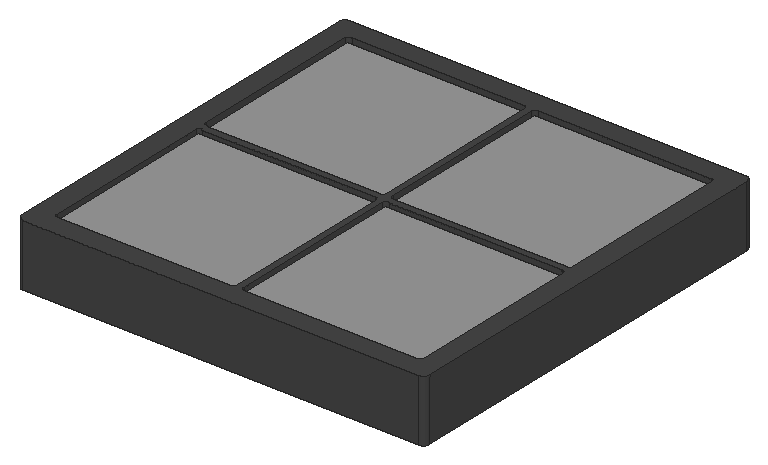
Revit family "ECORASTER Bloxx_with_blocks", category Allgemeines Modell, Revit 2016
Family settings
  Teiletyp = Normal
  Kann Basisbauteil für Bewehrung sein = Nein
  Bemaßung runder Anschluss = Durchmesser verwenden
  Arbeitsebenenbasiert = Nein
  Immer vertikal = Ja
  Beim Laden mit Abzugskörper schneiden = Nein
  Gemeinsam genutzt = Nein
  Raumberechnungspunkt = Nein
Parameters
  block_material = Mat_white
Reference planes
  plane 1 "Center (Front/Back)": y = 0
  plane 2: z = 0
  plane 3 "Center (Left/Right)": x = 0
Forms (mm)
  Extrusion 1, solid, material "Black", detail levels fine
    sketch origin (0, 0, 0) x (1, 0, 0) y (0, 1, 0)
      loop
        spline (-145.384, 148.384) -> (-145.776, 148.358) -> (-146.161, 148.282) -> (-146.532, 148.156) -> (-146.884, 147.982) -> (-147.211, 147.764) -> (-147.506, 147.506) -> (-147.764, 147.211) -> (-147.982, 146.884) -> (-148.156, 146.532) -> (-148.282, 146.161) -> (-148.358, 145.776) -> (-148.384, 145.384)
        line (-148.384, 145.384) -> (-148.384, 5.474)
        arc (-148.384, 5.474) -> (-147.505, 3.353) -> (-145.384, 2.474) r 3
        line (-145.384, 2.474) -> (-5.474, 2.474)
        arc (-5.474, 2.474) -> (-3.353, 3.353) -> (-2.474, 5.474) r 3
        line (-2.474, 5.474) -> (-2.474, 145.384)
        arc (-2.474, 145.384) -> (-3.353, 147.505) -> (-5.474, 148.384) r 3
        line (-5.474, 148.384) -> (-145.384, 148.384)
      loop
        line (145.384, 148.384) -> (5.474, 148.384)
        arc (5.474, 148.384) -> (3.353, 147.505) -> (2.474, 145.384) r 3
        line (2.474, 145.384) -> (2.474, 5.474)
        arc (2.474, 5.474) -> (3.353, 3.353) -> (5.474, 2.474) r 3
        line (5.474, 2.474) -> (145.384, 2.474)
        arc (145.384, 2.474) -> (147.505, 3.353) -> (148.384, 5.474) r 3
        line (148.384, 5.474) -> (148.384, 145.384)
        spline (148.384, 145.384) -> (148.358, 145.776) -> (148.282, 146.161) -> (148.156, 146.532) -> (147.982, 146.884) -> (147.764, 147.211) -> (147.506, 147.506) -> (147.211, 147.764) -> (146.884, 147.982) -> (146.532, 148.156) -> (146.161, 148.282) -> (145.776, 148.358) -> (145.384, 148.384)
      loop
        line (-145.384, -148.384) -> (-5.474, -148.384)
        arc (-5.474, -148.384) -> (-3.353, -147.505) -> (-2.474, -145.384) r 3
        line (-2.474, -145.384) -> (-2.474, -5.474)
        arc (-2.474, -5.474) -> (-3.353, -3.353) -> (-5.474, -2.474) r 3
        line (-5.474, -2.474) -> (-145.384, -2.474)
        arc (-145.384, -2.474) -> (-147.505, -3.353) -> (-148.384, -5.474) r 3
        line (-148.384, -5.474) -> (-148.384, -145.384)
        spline (-148.384, -145.384) -> (-148.358, -145.776) -> (-148.282, -146.161) -> (-148.156, -146.532) -> (-147.982, -146.884) -> (-147.764, -147.211) -> (-147.506, -147.506) -> (-147.211, -147.764) -> (-146.884, -147.982) -> (-146.532, -148.156) -> (-146.161, -148.282) -> (-145.776, -148.358) -> (-145.384, -148.384)
      loop
        spline (145.384, -148.384) -> (145.776, -148.358) -> (146.161, -148.282) -> (146.532, -148.156) -> (146.884, -147.982) -> (147.211, -147.764) -> (147.506, -147.506) -> (147.764, -147.211) -> (147.982, -146.884) -> (148.156, -146.532) -> (148.282, -146.161) -> (148.358, -145.776) -> (148.384, -145.384)
        line (148.384, -145.384) -> (148.384, -5.474)
        arc (148.384, -5.474) -> (147.505, -3.353) -> (145.384, -2.474) r 3
        line (145.384, -2.474) -> (5.474, -2.474)
        arc (5.474, -2.474) -> (3.353, -3.353) -> (2.474, -5.474) r 3
        line (2.474, -5.474) -> (2.474, -145.384)
        arc (2.474, -145.384) -> (3.353, -147.505) -> (5.474, -148.384) r 3
        line (5.474, -148.384) -> (145.384, -148.384)
      loop
        line (160, 165) -> (-160, 165)
        arc (-160, 165) -> (-163.536, 163.536) -> (-165, 160) r 5
        line (-165, 160) -> (-165, -160)
        arc (-165, -160) -> (-163.536, -163.536) -> (-160, -165) r 5
        line (-160, -165) -> (160, -165)
        arc (160, -165) -> (163.536, -163.536) -> (165, -160) r 5
        line (165, -160) -> (165, 160)
        arc (165, 160) -> (163.536, 163.536) -> (160, 165) r 5
    from 0 to 50
  Extrusion 2, solid, material "Black", detail levels fine
    sketch origin (0, 0, 0) x (1, 0, 0) y (0, 1, 0)
      loop
        arc (-54.55, 109.477) -> (-50.722, 108.655) -> (-47.202, 110.369) r 6
        line (-47.202, 110.369) -> (-30.523, 127.048)
        spline (-30.523, 127.048) -> (-30.081, 127.584) -> (-29.752, 128.191) -> (-29.548, 128.848) -> (-29.476, 129.529) -> (-29.54, 130.209) -> (-29.736, 130.861) -> (-30.058, 131.461) -> (-30.494, 131.986) -> (-31.026, 132.417) -> (-31.635, 132.737) -> (-32.297, 132.934) -> (-32.989, 133)
        line (-32.989, 133) -> (-117.511, 133)
        spline (-117.511, 133) -> (-118.203, 132.934) -> (-118.865, 132.737) -> (-119.474, 132.417) -> (-120.006, 131.986) -> (-120.442, 131.461) -> (-120.764, 130.861) -> (-120.96, 130.209) -> (-121.024, 129.529) -> (-120.952, 128.848) -> (-120.748, 128.191) -> (-120.419, 127.584) -> (-119.977, 127.048)
        line (-119.977, 127.048) -> (-103.298, 110.369)
        arc (-103.298, 110.369) -> (-99.778, 108.655) -> (-95.95, 109.477) r 6
        arc (-95.95, 109.477) -> (-75.25, 115.25) -> (-54.55, 109.477) r 40
      loop
        spline (-127.048, 119.977) -> (-127.584, 120.419) -> (-128.191, 120.748) -> (-128.848, 120.952) -> (-129.529, 121.024) -> (-130.209, 120.96) -> (-130.861, 120.764) -> (-131.461, 120.442) -> (-131.986, 120.006) -> (-132.417, 119.474) -> (-132.737, 118.865) -> (-132.934, 118.203) -> (-133, 117.511)
        line (-133, 117.511) -> (-133, 32.989)
        spline (-133, 32.989) -> (-132.934, 32.297) -> (-132.737, 31.635) -> (-132.417, 31.026) -> (-131.986, 30.494) -> (-131.461, 30.058) -> (-130.861, 29.736) -> (-130.209, 29.54) -> (-129.529, 29.476) -> (-128.848, 29.548) -> (-128.191, 29.752) -> (-127.584, 30.081) -> (-127.048, 30.523)
        line (-127.048, 30.523) -> (-110.369, 47.202)
        arc (-110.369, 47.202) -> (-108.655, 50.722) -> (-109.477, 54.55) r 6
        arc (-109.477, 54.55) -> (-115.25, 75.25) -> (-109.477, 95.95) r 40
        arc (-109.477, 95.95) -> (-108.655, 99.778) -> (-110.369, 103.298) r 6
        line (-110.369, 103.298) -> (-127.048, 119.977)
      loop
        circle (-75.25, 75.25) r 30
      loop
        spline (-115.843, 27.586) -> (-116.284, 27.051) -> (-116.614, 26.443) -> (-116.818, 25.786) -> (-116.89, 25.105) -> (-116.826, 24.426) -> (-116.63, 23.774) -> (-116.308, 23.174) -> (-115.872, 22.648) -> (-115.34, 22.217) -> (-114.731, 21.898) -> (-114.068, 21.701) -> (-113.377, 21.634)
        line (-113.377, 21.634) -> (-37.123, 21.634)
        spline (-37.123, 21.634) -> (-36.432, 21.701) -> (-35.769, 21.898) -> (-35.16, 22.217) -> (-34.628, 22.648) -> (-34.192, 23.174) -> (-33.87, 23.774) -> (-33.674, 24.426) -> (-33.61, 25.105) -> (-33.682, 25.786) -> (-33.886, 26.443) -> (-34.216, 27.051) -> (-34.657, 27.586)
        line (-34.657, 27.586) -> (-47.202, 40.131)
        arc (-47.202, 40.131) -> (-50.722, 41.845) -> (-54.55, 41.023) r 6
        arc (-54.55, 41.023) -> (-75.25, 35.25) -> (-95.95, 41.023) r 40
        arc (-95.95, 41.023) -> (-99.778, 41.845) -> (-103.298, 40.131) r 6
        line (-103.298, 40.131) -> (-115.843, 27.586)
      loop
        spline (-17.5, 117.511) -> (-17.566, 118.203) -> (-17.763, 118.865) -> (-18.083, 119.474) -> (-18.514, 120.006) -> (-19.039, 120.442) -> (-19.639, 120.764) -> (-20.291, 120.96) -> (-20.971, 121.024) -> (-21.652, 120.952) -> (-22.309, 120.748) -> (-22.916, 120.419) -> (-23.452, 119.977)
        line (-23.452, 119.977) -> (-40.131, 103.298)
        arc (-40.131, 103.298) -> (-41.845, 99.778) -> (-41.023, 95.95) r 6
        arc (-41.023, 95.95) -> (-35.25, 75.25) -> (-41.023, 54.55) r 40
        arc (-41.023, 54.55) -> (-41.845, 50.722) -> (-40.131, 47.202) r 6
        line (-40.131, 47.202) -> (-23.452, 30.523)
        spline (-23.452, 30.523) -> (-22.916, 30.081) -> (-22.309, 29.752) -> (-21.652, 29.548) -> (-20.971, 29.476) -> (-20.291, 29.54) -> (-19.639, 29.736) -> (-19.039, 30.058) -> (-18.514, 30.494) -> (-18.083, 31.026) -> (-17.763, 31.635) -> (-17.566, 32.297) -> (-17.5, 32.989)
        line (-17.5, 32.989) -> (-17.5, 117.511)
      loop
        spline (-145.384, 148.384) -> (-145.776, 148.358) -> (-146.161, 148.282) -> (-146.532, 148.156) -> (-146.884, 147.982) -> (-147.211, 147.764) -> (-147.506, 147.506) -> (-147.764, 147.211) -> (-147.982, 146.884) -> (-148.156, 146.532) -> (-148.282, 146.161) -> (-148.358, 145.776) -> (-148.384, 145.384)
        line (-148.384, 145.384) -> (-148.384, 5.474)
        arc (-148.384, 5.474) -> (-147.505, 3.353) -> (-145.384, 2.474) r 3
        line (-145.384, 2.474) -> (-5.474, 2.474)
        arc (-5.474, 2.474) -> (-3.353, 3.353) -> (-2.474, 5.474) r 3
        line (-2.474, 5.474) -> (-2.474, 145.384)
        arc (-2.474, 145.384) -> (-3.353, 147.505) -> (-5.474, 148.384) r 3
        line (-5.474, 148.384) -> (-145.384, 148.384)
      loop
        arc (-54.55, -109.477) -> (-75.25, -115.25) -> (-95.95, -109.477) r 40
        arc (-95.95, -109.477) -> (-99.778, -108.655) -> (-103.298, -110.369) r 6
        line (-103.298, -110.369) -> (-119.977, -127.048)
        spline (-119.977, -127.048) -> (-120.419, -127.584) -> (-120.748, -128.191) -> (-120.952, -128.848) -> (-121.024, -129.529) -> (-120.96, -130.209) -> (-120.764, -130.861) -> (-120.442, -131.461) -> (-120.006, -131.986) -> (-119.474, -132.417) -> (-118.865, -132.737) -> (-118.203, -132.934) -> (-117.511, -133)
        line (-117.511, -133) -> (-32.989, -133)
        spline (-32.989, -133) -> (-32.297, -132.934) -> (-31.635, -132.737) -> (-31.026, -132.417) -> (-30.494, -131.986) -> (-30.058, -131.461) -> (-29.736, -130.861) -> (-29.54, -130.209) -> (-29.476, -129.529) -> (-29.548, -128.848) -> (-29.752, -128.191) -> (-30.081, -127.584) -> (-30.523, -127.048)
        line (-30.523, -127.048) -> (-47.202, -110.369)
        arc (-47.202, -110.369) -> (-50.722, -108.655) -> (-54.55, -109.477) r 6
      loop
        line (-127.048, -119.977) -> (-110.369, -103.298)
        arc (-110.369, -103.298) -> (-108.655, -99.778) -> (-109.477, -95.95) r 6
        arc (-109.477, -95.95) -> (-115.25, -75.25) -> (-109.477, -54.55) r 40
        arc (-109.477, -54.55) -> (-108.655, -50.722) -> (-110.369, -47.202) r 6
        line (-110.369, -47.202) -> (-127.048, -30.523)
        spline (-127.048, -30.523) -> (-127.584, -30.081) -> (-128.191, -29.752) -> (-128.848, -29.548) -> (-129.529, -29.476) -> (-130.209, -29.54) -> (-130.861, -29.736) -> (-131.461, -30.058) -> (-131.986, -30.494) -> (-132.417, -31.026) -> (-132.737, -31.635) -> (-132.934, -32.297) -> (-133, -32.989)
        line (-133, -32.989) -> (-133, -117.511)
        spline (-133, -117.511) -> (-132.934, -118.203) -> (-132.737, -118.865) -> (-132.417, -119.474) -> (-131.986, -120.006) -> (-131.461, -120.442) -> (-130.861, -120.764) -> (-130.209, -120.96) -> (-129.529, -121.024) -> (-128.848, -120.952) -> (-128.191, -120.748) -> (-127.584, -120.419) -> (-127.048, -119.977)
      loop
        circle (-75.25, -75.25) r 30
      loop
        line (-119.977, -23.452) -> (-103.298, -40.131)
        arc (-103.298, -40.131) -> (-99.778, -41.845) -> (-95.95, -41.023) r 6
        arc (-95.95, -41.023) -> (-75.25, -35.25) -> (-54.55, -41.023) r 40
        arc (-54.55, -41.023) -> (-50.722, -41.845) -> (-47.202, -40.131) r 6
        line (-47.202, -40.131) -> (-30.523, -23.452)
        spline (-30.523, -23.452) -> (-30.081, -22.916) -> (-29.752, -22.309) -> (-29.548, -21.652) -> (-29.476, -20.971) -> (-29.54, -20.291) -> (-29.736, -19.639) -> (-30.058, -19.039) -> (-30.494, -18.514) -> (-31.026, -18.083) -> (-31.635, -17.763) -> (-32.297, -17.566) -> (-32.989, -17.5)
        line (-32.989, -17.5) -> (-117.511, -17.5)
        spline (-117.511, -17.5) -> (-118.203, -17.566) -> (-118.865, -17.763) -> (-119.474, -18.083) -> (-120.006, -18.514) -> (-120.442, -19.039) -> (-120.764, -19.639) -> (-120.96, -20.291) -> (-121.024, -20.971) -> (-120.952, -21.652) -> (-120.748, -22.309) -> (-120.419, -22.916) -> (-119.977, -23.452)
      loop
        line (-17.5, -117.511) -> (-17.5, -32.989)
        spline (-17.5, -32.989) -> (-17.566, -32.297) -> (-17.763, -31.635) -> (-18.083, -31.026) -> (-18.514, -30.494) -> (-19.039, -30.058) -> (-19.639, -29.736) -> (-20.291, -29.54) -> (-20.971, -29.476) -> (-21.652, -29.548) -> (-22.309, -29.752) -> (-22.916, -30.081) -> (-23.452, -30.523)
        line (-23.452, -30.523) -> (-40.131, -47.202)
        arc (-40.131, -47.202) -> (-41.845, -50.722) -> (-41.023, -54.55) r 6
        arc (-41.023, -54.55) -> (-35.25, -75.25) -> (-41.023, -95.95) r 40
        arc (-41.023, -95.95) -> (-41.845, -99.778) -> (-40.131, -103.298) r 6
        line (-40.131, -103.298) -> (-23.452, -119.977)
        spline (-23.452, -119.977) -> (-22.916, -120.419) -> (-22.309, -120.748) -> (-21.652, -120.952) -> (-20.971, -121.024) -> (-20.291, -120.96) -> (-19.639, -120.764) -> (-19.039, -120.442) -> (-18.514, -120.006) -> (-18.083, -119.474) -> (-17.763, -118.865) -> (-17.566, -118.203) -> (-17.5, -117.511)
      loop
        line (-145.384, -148.384) -> (-5.474, -148.384)
        arc (-5.474, -148.384) -> (-3.353, -147.505) -> (-2.474, -145.384) r 3
        line (-2.474, -145.384) -> (-2.474, -5.474)
        arc (-2.474, -5.474) -> (-3.353, -3.353) -> (-5.474, -2.474) r 3
        line (-5.474, -2.474) -> (-145.384, -2.474)
        arc (-145.384, -2.474) -> (-147.505, -3.353) -> (-148.384, -5.474) r 3
        line (-148.384, -5.474) -> (-148.384, -145.384)
        spline (-148.384, -145.384) -> (-148.358, -145.776) -> (-148.282, -146.161) -> (-148.156, -146.532) -> (-147.982, -146.884) -> (-147.764, -147.211) -> (-147.506, -147.506) -> (-147.211, -147.764) -> (-146.884, -147.982) -> (-146.532, -148.156) -> (-146.161, -148.282) -> (-145.776, -148.358) -> (-145.384, -148.384)
      loop
        arc (54.55, 109.477) -> (75.25, 115.25) -> (95.95, 109.477) r 40
        arc (95.95, 109.477) -> (99.778, 108.655) -> (103.298, 110.369) r 6
        line (103.298, 110.369) -> (119.977, 127.048)
        spline (119.977, 127.048) -> (120.419, 127.584) -> (120.748, 128.191) -> (120.952, 128.848) -> (121.024, 129.529) -> (120.96, 130.209) -> (120.764, 130.861) -> (120.442, 131.461) -> (120.006, 131.986) -> (119.474, 132.417) -> (118.865, 132.737) -> (118.203, 132.934) -> (117.511, 133)
        line (117.511, 133) -> (32.989, 133)
        spline (32.989, 133) -> (32.297, 132.934) -> (31.635, 132.737) -> (31.026, 132.417) -> (30.494, 131.986) -> (30.058, 131.461) -> (29.736, 130.861) -> (29.54, 130.209) -> (29.476, 129.529) -> (29.548, 128.848) -> (29.752, 128.191) -> (30.081, 127.584) -> (30.523, 127.048)
        line (30.523, 127.048) -> (47.202, 110.369)
        arc (47.202, 110.369) -> (50.722, 108.655) -> (54.55, 109.477) r 6
      loop
        line (127.048, 119.977) -> (110.369, 103.298)
        arc (110.369, 103.298) -> (108.655, 99.778) -> (109.477, 95.95) r 6
        arc (109.477, 95.95) -> (115.25, 75.25) -> (109.477, 54.55) r 40
        arc (109.477, 54.55) -> (108.655, 50.722) -> (110.369, 47.202) r 6
        line (110.369, 47.202) -> (127.048, 30.523)
        spline (127.048, 30.523) -> (127.584, 30.081) -> (128.191, 29.752) -> (128.848, 29.548) -> (129.529, 29.476) -> (130.209, 29.54) -> (130.861, 29.736) -> (131.461, 30.058) -> (131.986, 30.494) -> (132.417, 31.026) -> (132.737, 31.635) -> (132.934, 32.297) -> (133, 32.989)
        line (133, 32.989) -> (133, 117.511)
        spline (133, 117.511) -> (132.934, 118.203) -> (132.737, 118.865) -> (132.417, 119.474) -> (131.986, 120.006) -> (131.461, 120.442) -> (130.861, 120.764) -> (130.209, 120.96) -> (129.529, 121.024) -> (128.848, 120.952) -> (128.191, 120.748) -> (127.584, 120.419) -> (127.048, 119.977)
      loop
        circle (75.25, 75.25) r 30
      loop
        line (119.977, 23.452) -> (103.298, 40.131)
        arc (103.298, 40.131) -> (99.778, 41.845) -> (95.95, 41.023) r 6
        arc (95.95, 41.023) -> (75.25, 35.25) -> (54.55, 41.023) r 40
        arc (54.55, 41.023) -> (50.722, 41.845) -> (47.202, 40.131) r 6
        line (47.202, 40.131) -> (30.523, 23.452)
        spline (30.523, 23.452) -> (30.081, 22.916) -> (29.752, 22.309) -> (29.548, 21.652) -> (29.476, 20.971) -> (29.54, 20.291) -> (29.736, 19.639) -> (30.058, 19.039) -> (30.494, 18.514) -> (31.026, 18.083) -> (31.635, 17.763) -> (32.297, 17.566) -> (32.989, 17.5)
        line (32.989, 17.5) -> (117.511, 17.5)
        spline (117.511, 17.5) -> (118.203, 17.566) -> (118.865, 17.763) -> (119.474, 18.083) -> (120.006, 18.514) -> (120.442, 19.039) -> (120.764, 19.639) -> (120.96, 20.291) -> (121.024, 20.971) -> (120.952, 21.652) -> (120.748, 22.309) -> (120.419, 22.916) -> (119.977, 23.452)
      loop
        line (17.5, 117.511) -> (17.5, 32.989)
        spline (17.5, 32.989) -> (17.566, 32.297) -> (17.763, 31.635) -> (18.083, 31.026) -> (18.514, 30.494) -> (19.039, 30.058) -> (19.639, 29.736) -> (20.291, 29.54) -> (20.971, 29.476) -> (21.652, 29.548) -> (22.309, 29.752) -> (22.916, 30.081) -> (23.452, 30.523)
        line (23.452, 30.523) -> (40.131, 47.202)
        arc (40.131, 47.202) -> (41.845, 50.722) -> (41.023, 54.55) r 6
        arc (41.023, 54.55) -> (35.25, 75.25) -> (41.023, 95.95) r 40
        arc (41.023, 95.95) -> (41.845, 99.778) -> (40.131, 103.298) r 6
        line (40.131, 103.298) -> (23.452, 119.977)
        spline (23.452, 119.977) -> (22.916, 120.419) -> (22.309, 120.748) -> (21.652, 120.952) -> (20.971, 121.024) -> (20.291, 120.96) -> (19.639, 120.764) -> (19.039, 120.442) -> (18.514, 120.006) -> (18.083, 119.474) -> (17.763, 118.865) -> (17.566, 118.203) -> (17.5, 117.511)
      loop
        line (145.384, 148.384) -> (5.474, 148.384)
        arc (5.474, 148.384) -> (3.353, 147.505) -> (2.474, 145.384) r 3
        line (2.474, 145.384) -> (2.474, 5.474)
        arc (2.474, 5.474) -> (3.353, 3.353) -> (5.474, 2.474) r 3
        line (5.474, 2.474) -> (145.384, 2.474)
        arc (145.384, 2.474) -> (147.505, 3.353) -> (148.384, 5.474) r 3
        line (148.384, 5.474) -> (148.384, 145.384)
        spline (148.384, 145.384) -> (148.358, 145.776) -> (148.282, 146.161) -> (148.156, 146.532) -> (147.982, 146.884) -> (147.764, 147.211) -> (147.506, 147.506) -> (147.211, 147.764) -> (146.884, 147.982) -> (146.532, 148.156) -> (146.161, 148.282) -> (145.776, 148.358) -> (145.384, 148.384)
      loop
        arc (54.55, -109.477) -> (50.722, -108.655) -> (47.202, -110.369) r 6
        line (47.202, -110.369) -> (30.523, -127.048)
        spline (30.523, -127.048) -> (30.081, -127.584) -> (29.752, -128.191) -> (29.548, -128.848) -> (29.476, -129.529) -> (29.54, -130.209) -> (29.736, -130.861) -> (30.058, -131.461) -> (30.494, -131.986) -> (31.026, -132.417) -> (31.635, -132.737) -> (32.297, -132.934) -> (32.989, -133)
        line (32.989, -133) -> (117.511, -133)
        spline (117.511, -133) -> (118.203, -132.934) -> (118.865, -132.737) -> (119.474, -132.417) -> (120.006, -131.986) -> (120.442, -131.461) -> (120.764, -130.861) -> (120.96, -130.209) -> (121.024, -129.529) -> (120.952, -128.848) -> (120.748, -128.191) -> (120.419, -127.584) -> (119.977, -127.048)
        line (119.977, -127.048) -> (103.298, -110.369)
        arc (103.298, -110.369) -> (99.778, -108.655) -> (95.95, -109.477) r 6
        arc (95.95, -109.477) -> (75.25, -115.25) -> (54.55, -109.477) r 40
      loop
        spline (127.048, -119.977) -> (127.584, -120.419) -> (128.191, -120.748) -> (128.848, -120.952) -> (129.529, -121.024) -> (130.209, -120.96) -> (130.861, -120.764) -> (131.461, -120.442) -> (131.986, -120.006) -> (132.417, -119.474) -> (132.737, -118.865) -> (132.934, -118.203) -> (133, -117.511)
        line (133, -117.511) -> (133, -32.989)
        spline (133, -32.989) -> (132.934, -32.297) -> (132.737, -31.635) -> (132.417, -31.026) -> (131.986, -30.494) -> (131.461, -30.058) -> (130.861, -29.736) -> (130.209, -29.54) -> (129.529, -29.476) -> (128.848, -29.548) -> (128.191, -29.752) -> (127.584, -30.081) -> (127.048, -30.523)
        line (127.048, -30.523) -> (110.369, -47.202)
        arc (110.369, -47.202) -> (108.655, -50.722) -> (109.477, -54.55) r 6
        arc (109.477, -54.55) -> (115.25, -75.25) -> (109.477, -95.95) r 40
        arc (109.477, -95.95) -> (108.655, -99.778) -> (110.369, -103.298) r 6
        line (110.369, -103.298) -> (127.048, -119.977)
      loop
        circle (75.25, -75.25) r 30
      loop
        spline (119.977, -23.452) -> (120.419, -22.916) -> (120.748, -22.309) -> (120.952, -21.652) -> (121.024, -20.971) -> (120.96, -20.291) -> (120.764, -19.639) -> (120.442, -19.039) -> (120.006, -18.514) -> (119.474, -18.083) -> (118.865, -17.763) -> (118.203, -17.566) -> (117.511, -17.5)
        line (117.511, -17.5) -> (32.989, -17.5)
        spline (32.989, -17.5) -> (32.297, -17.566) -> (31.635, -17.763) -> (31.026, -18.083) -> (30.494, -18.514) -> (30.058, -19.039) -> (29.736, -19.639) -> (29.54, -20.291) -> (29.476, -20.971) -> (29.548, -21.652) -> (29.752, -22.309) -> (30.081, -22.916) -> (30.523, -23.452)
        line (30.523, -23.452) -> (47.202, -40.131)
        arc (47.202, -40.131) -> (50.722, -41.845) -> (54.55, -41.023) r 6
        arc (54.55, -41.023) -> (75.25, -35.25) -> (95.95, -41.023) r 40
        arc (95.95, -41.023) -> (99.778, -41.845) -> (103.298, -40.131) r 6
        line (103.298, -40.131) -> (119.977, -23.452)
      loop
        spline (17.5, -117.511) -> (17.566, -118.203) -> (17.763, -118.865) -> (18.083, -119.474) -> (18.514, -120.006) -> (19.039, -120.442) -> (19.639, -120.764) -> (20.291, -120.96) -> (20.971, -121.024) -> (21.652, -120.952) -> (22.309, -120.748) -> (22.916, -120.419) -> (23.452, -119.977)
        line (23.452, -119.977) -> (40.131, -103.298)
        arc (40.131, -103.298) -> (41.845, -99.778) -> (41.023, -95.95) r 6
        arc (41.023, -95.95) -> (35.25, -75.25) -> (41.023, -54.55) r 40
        arc (41.023, -54.55) -> (41.845, -50.722) -> (40.131, -47.202) r 6
        line (40.131, -47.202) -> (23.452, -30.523)
        spline (23.452, -30.523) -> (22.916, -30.081) -> (22.309, -29.752) -> (21.652, -29.548) -> (20.971, -29.476) -> (20.291, -29.54) -> (19.639, -29.736) -> (19.039, -30.058) -> (18.514, -30.494) -> (18.083, -31.026) -> (17.763, -31.635) -> (17.566, -32.297) -> (17.5, -32.989)
        line (17.5, -32.989) -> (17.5, -117.511)
      loop
        spline (145.384, -148.384) -> (145.776, -148.358) -> (146.161, -148.282) -> (146.532, -148.156) -> (146.884, -147.982) -> (147.211, -147.764) -> (147.506, -147.506) -> (147.764, -147.211) -> (147.982, -146.884) -> (148.156, -146.532) -> (148.282, -146.161) -> (148.358, -145.776) -> (148.384, -145.384)
        line (148.384, -145.384) -> (148.384, -5.474)
        arc (148.384, -5.474) -> (147.505, -3.353) -> (145.384, -2.474) r 3
        line (145.384, -2.474) -> (5.474, -2.474)
        arc (5.474, -2.474) -> (3.353, -3.353) -> (2.474, -5.474) r 3
        line (2.474, -5.474) -> (2.474, -145.384)
        arc (2.474, -145.384) -> (3.353, -147.505) -> (5.474, -148.384) r 3
        line (5.474, -148.384) -> (145.384, -148.384)
    from 0 to 2
  Extrusion 3, solid, material "Black", detail levels coarse+medium
    sketch origin (2.355, -362.355, 0) x (1, 0, 0) y (0, 1, 0)
      loop
        line (-167.355, 527.355) -> (-167.355, 197.355) -> (162.645, 197.355) -> (162.645, 527.355) -> (-167.355, 527.355)
    from 0 to 50
  Extrusion 4, solid, material "Mat_white" <- "block_material", detail levels fine
    sketch origin (343.297, -181.984, 2) x (1, 0, 0) y (0, 1, 0)
      loop
        line (-489.726, 328.413) -> (-489.726, 186.413) -> (-347.726, 186.413) -> (-347.726, 328.413) -> (-489.726, 328.413)
    from 0 to 45
  Extrusion 5, solid, material "Mat_white" <- "block_material", detail levels fine
    sketch origin (494.155, -181.984, 2) x (1, 0, 0) y (0, 1, 0)
      loop
        line (-489.726, 328.413) -> (-489.726, 186.413) -> (-347.726, 186.413) -> (-347.726, 328.413) -> (-489.726, 328.413)
    from 0 to 45
  Extrusion 6, solid, material "Mat_white" <- "block_material", detail levels fine
    sketch origin (343.297, -332.663, 2) x (1, 0, 0) y (0, 1, 0)
      loop
        line (-489.726, 328.413) -> (-489.726, 186.413) -> (-347.726, 186.413) -> (-347.726, 328.413) -> (-489.726, 328.413)
    from 0 to 45
  Extrusion 7, solid, material "Mat_white" <- "block_material", detail levels fine
    sketch origin (494.155, -332.663, 2) x (1, 0, 0) y (0, 1, 0)
      loop
        line (-489.726, 328.413) -> (-489.726, 186.413) -> (-347.726, 186.413) -> (-347.726, 328.413) -> (-489.726, 328.413)
    from 0 to 45
